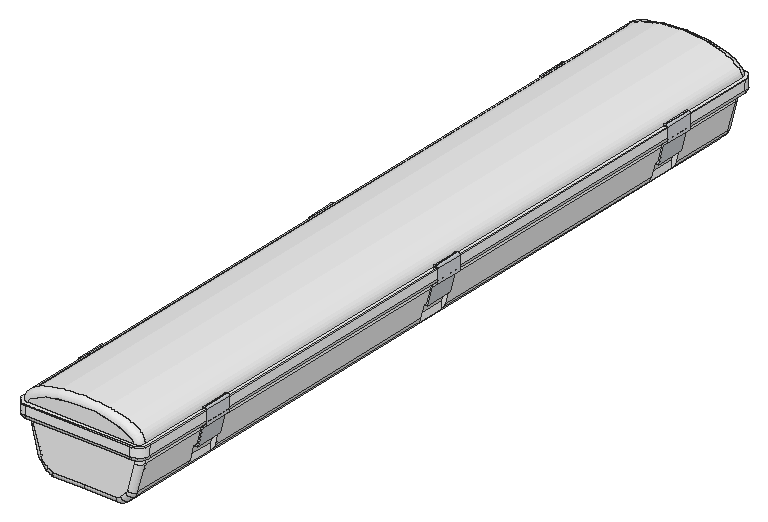
Revit family "0048692 Feilo Sylvania Lighting Fixture SYLPRF SUP LED G3 600MM T 4K D", category Lighting Fixtures, host Face, Revit 2016
Family settings
  Host = Face
  Part Type = Normal
  Round Connector Dimension = Use Diameter
  OmniClass Number = 23.80.70.11.14
  OmniClass Title = General Luminaries, Directional
  Cut with Voids When Loaded = No
  Light Source = Yes
  Shared = No
  Room Calculation Point = No
Parameters (values of type "0048692 SYLPRF SUP LED G3 600MM T 4K D")
  Width = 110 mm
  Weight = "1.18 kg"
  Wattage Comments = "n/a"
  Wattage = 19 W
  WarrantyStartDate [instance] = "n/a"
  WarrantyGuarantorParts = "n/a"
  WarrantyDurationUnit = "n/a"
  WarrantyDurationParts = "n/a"
  WarrantyDescription = "n/a"
  built-in parameter 1150110 = 1 (stored number, unit not read)
  Voltage = 230 V
  URL = "http://www.sylvania-lighting.com"
  TypeName = "SYLPRF SUP LED G3 600MM T 4K D"
  Type Image = <None>
  Type Comments = "n/a"
  built-in parameter 1114217 = 1 (stored number, unit not read)
  Tilt Angle = -90.00°
  built-in parameter 1150109 = 1 (stored number, unit not read)
  built-in parameter 1150134 = 12
  built-in parameter 1150113 = 1 (stored number, unit not read)
  SerialNumber [instance] = "n/a"
  ReflectorMaterial = none
  PowerFactor = 0
  PowerConsumption = "19 W"
  Photometric Web File = "0048692.ies"
  NominalWidth = 0 mm
  NominalLength = 665 mm
  NominalHeight = 78 mm
  Name = "SYLPRF SUP LED G3 600MM T 4K D"
  ModelReference = "SYLPRF SUP LED G3 600MM T 4K D"
  ModelNumber = "0048692"
  Model = "SYLPRF SUP LED G3 600MM T 4K D"
  Material = "grp housing, polycarbonate diffuser"
  ManufacturerName = "Feilo Sylvania"
  Manufacturer = "Feilo Sylvania"
  LuminousEfficacy = "140 lm/W"
  built-in parameter 1150105 = 211.68 (stored number, unit not read)
  Lumens = 2660 lm
  LuminaireType = ""
  built-in parameter 1150115 = 1 (stored number, unit not read)
  LightOutputRatio = "n/a"
  built-in parameter 1150137 = (empty or 0)
  built-in parameter 1150139 = (empty or 0)
  Length = 665 mm
  LampsType = Lamp  # "LED"
  LampNominalLuminous = "2700 lm"
  LampMacAdamStep = "3"
  LampColourTemperature = "4000 K"
  LampColourRenderingIndex = "80"
  built-in parameter 1150112 = 1 (stored number, unit not read)
  built-in parameter 1150114 = 1 (stored number, unit not read)
  Lamp = "LED"
  Keynote = "16500"
  InstallationDate [instance] = "n/a"
  InputVoltage = "220-240V~"
  InputNominalFrequency = "DC/50/60 Hz"
  built-in parameter 1150132 = (empty or 0)
  built-in parameter 1150102 = (empty or 0)
  built-in parameter 1150107 = 4000 (stored number, unit not read)
  built-in parameter 1150138 = (empty or 0)
  IngressProtection = "IP65"
  ImpactProtectionIndex = "IK08"
  built-in parameter 1150106 = 2.1168 (stored number, unit not read)
  IfcExportType = "IfcLightFixtureType"
  IfcExportAs = "IfcLightFixtureType"
  ExpectedLife = 50000
  Emit from Rectangle Width = Width - 20 mm  # 90 mm
  Emit from Rectangle Length = Length - 20 mm  # 645 mm
  Emit Shape Visible in Rendering = no
  ElectricShockClassification = "Class I"
  built-in parameter 1150104 = 13.006 (stored number, unit not read)
  DurationUnit = "hours"
  DocumentationLiterature = "http://www.sylvania-lighting.com/product/en-int/products/0048692"
  DimmingControlOptions = "Dimmable"
  Dimming Lamp Color Temperature Shift = <None>
  DiffuserMaterial = Diffuser-Sylvania-Transparent
  Description = "Sylproof Superia, integrated LED weatherproof luminaire, with UV stabilized flat diffuser and linear prisms designed to achieve uniform lit appearance, optimise light output and to reduce glare, stainless steel diffuser clips and fixing brackets for surface and wall mounting. L 665 mm x W 110 mm x H 78 mm size, GRP housing, Polycarbonate diffuser, DALI dimmable, 4000K, CRI80,  2700 lm, 19 W, 140 lm/W, nominal average life (h):50000, energy class: A++ A+ A Class I, IK08, IP65."
  Default Elevation = 1219.2 mm
  CreatedOn = "3/27/2018"
  CreatedBy = "aron.fodor@feilosylvania.com"
  Cost = 0
  Color Filter = 16777215
  built-in parameter 1114216 [instance] = (empty or 0)
  ClassificationValue = "EF_70_80"
  ClassificationName = "Uniclass2015"
  BracketOffset_FEILO = 360 mm
  BodyMaterial = Body-Sylvania-Gray
  BarCode [instance] = "n/a"
  built-in parameter 1114218 = 1 (stored number, unit not read)
  built-in parameter 1150133 = 10 (stored number, unit not read)
  AssetType = "Fixed"
  AssetIdentifier [instance] = "n/a"
  Assembly Code = "D5020200"
  Apparent Load = 19 VA
  AccessoryMaterial = Diffuser-Sylvania-Glow
Reference planes
  plane 1 "Center (Front/Back)": y = 0
  plane 2: z = 0
  plane 3 "Center (Left/Right)": x = 0
  plane 4: z = 54
  plane 5: x = -27.7
  plane 6: x = -34.8
  plane 7: x = -39.6
  plane 8: x = -42.2
  plane 9: z = 3
  plane 10: z = 7.8
  plane 11: z = 12.3
  plane 12: z = 36.6
  plane 13: z = 42.8
  plane 14: x = -51.1
  plane 15: z = 46.2
  plane 16: x = -55
  plane 17: y = 332.5
  plane 18: y = -332.5
  plane 19: x = 27.7
  plane 20: x = 34.8
  plane 21: x = 39.6
  plane 22: x = 42.2
  plane 23: x = 51.1
  plane 24: x = 55
  plane 25: y = 324.9
  plane 26: y = -324.9
  plane 27: y = -321.2
  plane 28: y = 321.2
  plane 29: z = 74
  plane 30: x = -51.5
  plane 31: x = 51.5
  plane 32: z = 55.2
  plane 33: y = -329
  plane 34: y = 329
  plane 35: x = -37.5
  plane 36: x = 37.5
  plane 37: x = -48.7
  plane 38: x = 48.7
  plane 39: x = 18
  plane 40: x = -18
  plane 41: z = 50.2
  plane 42: z = 24.6
  plane 43: y = 720
  plane 44: y = 706
  plane 45: y = 734
  plane 46: y = 250
  plane 47: y = 236
  plane 48: y = 264
  plane 49: y = 0
  plane 50: y = -14
  plane 51: y = 14
  plane 52: y = -250
  plane 53: y = -264
  plane 54: y = -236
Forms (mm)
  Sweep 1, solid, material "Body-Sylvania-Gray" <- "BodyMaterial", detail levels medium+fine
    path origin (1223.4, -4572, 54) x (0, -1, 0) y (1, 0, 0)
      loop
        arc (-4249.5, -1278.4) -> (-4242.429, -1275.471) -> (-4239.5, -1268.4) r 10
        line (-4239.5, -1268.4) -> (-4239.5, -1178.4)
        arc (-4239.5, -1178.4) -> (-4242.429, -1171.329) -> (-4249.5, -1168.4) r 10
        line (-4249.5, -1168.4) -> (-4894.5, -1168.4)
        arc (-4894.5, -1168.4) -> (-4901.571, -1171.329) -> (-4904.5, -1178.4) r 10
        line (-4904.5, -1178.4) -> (-4904.5, -1268.4)
        arc (-4904.5, -1268.4) -> (-4901.571, -1275.471) -> (-4894.5, -1278.4) r 10
        line (-4894.5, -1278.4) -> (-4249.5, -1278.4)
    profile origin (-55, 0, 54) x (-1, 0, 0) y (0, 0, 1)
      loop
        line (0, 0) -> (-1, 0) -> (-1, -7.726)
        arc (-1, -7.726) -> (-1.994, -9.498) -> (-3.9, -10.2) r 2.937
        line (-3.9, -10.2) -> (-8.571, -10.2) -> (-8.571, -11.2) -> (-3.9, -11.2)
        arc (-3.9, -11.2) -> (-1.313, -10.231) -> (0, -7.8) r 3.937
        line (0, -7.8) -> (0, 0)
  Sweep 2, solid, material "Body-Sylvania-Gray" <- "BodyMaterial", detail levels medium+fine
    path origin (0, 0, 0) x (1, 0, 0) y (0, 0, 1)
      loop
        line (48.7, 42.8) -> (48.7, 36.6) -> (42.203, 12.31)
        arc (42.203, 12.31) -> (41.199, 9.884) -> (39.6, 7.8) r 10.052
        line (39.6, 7.8) -> (34.8, 3)
        arc (34.8, 3) -> (31.554, 0.781) -> (27.7, 0) r 9.902
        line (27.7, 0) -> (0, 0) -> (-27.7, 0)
        arc (-27.7, 0) -> (-31.554, 0.781) -> (-34.8, 3) r 9.902
        line (-34.8, 3) -> (-39.6, 7.8)
        arc (-39.6, 7.8) -> (-41.199, 9.884) -> (-42.203, 12.31) r 10.052
        line (-42.203, 12.31) -> (-48.7, 36.6) -> (-48.7, 42.8)
    profile origin (0, 0, 0) x (0, 0, -1) y (0, -1, 0)
      loop
        arc (0, 319.9) -> (-1.464, 323.436) -> (-5, 324.9) r 5
        line (-5, 324.9) -> (-7.8, 324.9) -> (-7.8, -324.9) -> (-5, -324.9)
        arc (-5, -324.9) -> (-1.464, -323.436) -> (0, -319.9) r 5
        line (0, -319.9) -> (0, 319.9)
  Extrusion 3, solid, material "Body-Sylvania-Gray" <- "BodyMaterial", detail levels medium+fine
    sketch origin (1524, 324.9, 1219.2) x (1, 0, 0) y (0, 0, 1)
      loop
        arc (-1558.668, -1204.874) -> (-1558.443, -1205.418) -> (-1558.085, -1205.885) r 2.252
        line (-1558.085, -1205.885) -> (-1553.231, -1210.738)
        arc (-1553.231, -1210.738) -> (-1552.534, -1211.227) -> (-1551.7, -1211.4) r 2.102
        line (-1551.7, -1211.4) -> (-1496.3, -1211.4)
        arc (-1496.3, -1211.4) -> (-1495.466, -1211.227) -> (-1494.769, -1210.738) r 2.102
        line (-1494.769, -1210.738) -> (-1489.915, -1205.885)
        arc (-1489.915, -1205.885) -> (-1489.557, -1205.418) -> (-1489.332, -1204.874) r 2.252
        line (-1489.332, -1204.874) -> (-1483.1, -1181.575) -> (-1483.1, -1176.4) -> (-1564.9, -1176.4) -> (-1564.9, -1181.575) -> (-1558.668, -1204.874)
    from 0 to 649.8
  Sweep 4, solid, material "Diffuser-Sylvania-Transparent" <- "DiffuserMaterial", detail levels medium+fine
    path origin (0, 0, 0) x (1, 0, 0) y (0, 0, 1)
      loop
        spline (-51.5, 55.2) -> (-49.745, 60.066) -> (-44.6, 64.6) -> (-36.416, 68.494) -> (-25.75, 71.481) -> (-13.329, 73.359) -> (0, 74) -> (13.329, 73.359) -> (25.75, 71.481) -> (36.416, 68.494) -> (44.6, 64.6) -> (49.745, 60.066) -> (51.5, 55.2)
    profile origin (51.5, 0, 55.2) x (0, -1, 0) y (1, 0, 0)
      loop
        arc (329, -5.5) -> (327.389, -1.611) -> (323.5, 0) r 5.5
        line (323.5, 0) -> (-323.5, 0)
        arc (-323.5, 0) -> (-327.389, -1.611) -> (-329, -5.5) r 5.5
        line (-329, -5.5) -> (-329, -6.3) -> (-328, -6.3) -> (-328, -5.5)
        arc (-328, -5.5) -> (-326.682, -2.318) -> (-323.5, -1) r 4.5
        line (-323.5, -1) -> (323.5, -1)
        arc (323.5, -1) -> (326.682, -2.318) -> (328, -5.5) r 4.5
        line (328, -5.5) -> (328, -6.347) -> (329, -6.347) -> (329, -5.5)
  Extrusion 5, solid, material "Diffuser-Sylvania-Transparent" <- "DiffuserMaterial", detail levels medium+fine
    sketch origin (1524, -329, 1219.2) x (1, 0, 0) y (0, 0, 1)
      loop
        line (-1569.653, -1164) -> (-1478.347, -1164)
        spline (-1478.347, -1164) -> (-1478.969, -1162.594) -> (-1482.527, -1159.545) -> (-1489.588, -1156.201) -> (-1499.458, -1153.445) -> (-1511.242, -1151.663) -> (-1524, -1151.049) -> (-1536.758, -1151.663) -> (-1548.542, -1153.445) -> (-1558.412, -1156.201) -> (-1565.473, -1159.545) -> (-1569.031, -1162.594) -> (-1569.653, -1164)
    from 0 to -1
  Extrusion 6, solid, material "Diffuser-Sylvania-Transparent" <- "DiffuserMaterial", detail levels medium+fine
    sketch origin (1524, 329, 1219.2) x (1, 0, 0) y (0, 0, 1)
      loop
        spline (-1478.3, -1164) -> (-1478.931, -1162.565) -> (-1482.502, -1159.505) -> (-1489.572, -1156.155) -> (-1499.446, -1153.394) -> (-1511.236, -1151.614) -> (-1524, -1151.007) -> (-1536.764, -1151.614) -> (-1548.554, -1153.394) -> (-1558.428, -1156.155) -> (-1565.498, -1159.505) -> (-1569.069, -1162.565) -> (-1569.7, -1164)
        line (-1569.7, -1164) -> (-1478.3, -1164)
    from 0 to 1
  Extrusion 7, solid, material "Diffuser-Sylvania-Transparent" <- "DiffuserMaterial", detail levels medium+fine
    sketch origin (1223.4, -4572, 55.2) x (0, -1, 0) y (-1, 0, 0)
      loop
        arc (-4900, 1177.4) -> (-4898.682, 1174.218) -> (-4895.5, 1172.9) r 4.5
        line (-4895.5, 1172.9) -> (-4248.5, 1172.9)
        arc (-4248.5, 1172.9) -> (-4245.318, 1174.218) -> (-4244, 1177.4) r 4.5
        line (-4244, 1177.4) -> (-4244, 1269.4)
        arc (-4244, 1269.4) -> (-4245.318, 1272.582) -> (-4248.5, 1273.9) r 4.5
        line (-4248.5, 1273.9) -> (-4895.5, 1273.9)
        arc (-4895.5, 1273.9) -> (-4898.682, 1272.582) -> (-4900, 1269.4) r 4.5
        line (-4900, 1269.4) -> (-4900, 1177.4)
      loop
        line (-4904.5, 1268.4) -> (-4904.5, 1178.4)
        arc (-4904.5, 1178.4) -> (-4901.571, 1171.329) -> (-4894.5, 1168.4) r 10
        line (-4894.5, 1168.4) -> (-4249.5, 1168.4)
        arc (-4249.5, 1168.4) -> (-4242.429, 1171.329) -> (-4239.5, 1178.4) r 10
        line (-4239.5, 1178.4) -> (-4239.5, 1268.4)
        arc (-4239.5, 1268.4) -> (-4242.429, 1275.471) -> (-4249.5, 1278.4) r 10
        line (-4249.5, 1278.4) -> (-4894.5, 1278.4)
        arc (-4894.5, 1278.4) -> (-4901.571, 1275.471) -> (-4904.5, 1268.4) r 10
    from 0 to 1.2
  Extrusion 8, solid, material "Diffuser-Sylvania-Glow" <- "AccessoryMaterial", detail levels fine
    sketch origin (0, 0, 0) x (1, 0, 0) y (0, 0, 1)
      loop
        circle (-18, 50.2) r 8
      loop
        circle (18, 50.2) r 8
    from -321.2 to 321.2
  Extrusion 9, solid, material "Body-Sylvania-Gray" <- "BodyMaterial", detail levels coarse
    sketch origin (0, 0, 0) x (1, 0, 0) y (0, 0, 1)
      loop
        line (55, 42.8) -> (55, 55.2) -> (-55, 55.2) -> (-55, 42.791) -> (-42.2, 0) -> (42.2, 0) -> (55, 42.8)
    from -332.5 to 332.5
  Extrusion 10, solid, material "Diffuser-Sylvania-Transparent" <- "DiffuserMaterial", detail levels coarse
    sketch origin (0, 0, 0) x (1, 0, 0) y (0, 0, 1)
      loop
        arc (51.5, 55.2) -> (0, 74) -> (-51.5, 55.2) r 79.939
        line (-51.5, 55.2) -> (51.5, 55.2)
    from 324.9 to -324.9
  Extrusion 11, void, not visible
    sketch origin (0, 720, 2343.807) x (0, 0, -1) y (-1, 0, 0)
      loop
        line (2340.807, -37.5) -> (2331.507, -37.5) -> (2319.207, -42.2) -> (2319.207, -48.7) -> (2340.807, -48.7) -> (2340.807, -37.5)
      loop
        line (2340.807, 37.5) -> (2340.807, 48.7) -> (2319.207, 48.7) -> (2319.207, 42.2) -> (2331.507, 37.5) -> (2340.807, 37.5)
    from -14 to 14
  Extrusion 12, void
    sketch origin (0, 250, 2343.807) x (0, 0, -1) y (-1, 0, 0)
      loop
        line (2340.807, -37.5) -> (2331.507, -37.5) -> (2319.207, -42.2) -> (2319.207, -48.7) -> (2340.807, -48.7) -> (2340.807, -37.5)
      loop
        line (2340.807, 37.5) -> (2340.807, 48.7) -> (2319.207, 48.7) -> (2319.207, 42.2) -> (2331.507, 37.5) -> (2340.807, 37.5)
    from -14 to 14
  Extrusion 13, void
    sketch origin (0, 0, 2343.807) x (0, 0, -1) y (-1, 0, 0)
      loop
        line (2340.807, -37.5) -> (2331.507, -37.5) -> (2319.207, -42.2) -> (2319.207, -48.7) -> (2340.807, -48.7) -> (2340.807, -37.5)
      loop
        line (2340.807, 37.5) -> (2340.807, 48.7) -> (2319.207, 48.7) -> (2319.207, 42.2) -> (2331.507, 37.5) -> (2340.807, 37.5)
    from -14 to 14
  Extrusion 14, void
    sketch origin (0, -250, 2343.807) x (0, 0, -1) y (-1, 0, 0)
      loop
        line (2340.807, -37.5) -> (2331.507, -37.5) -> (2319.207, -42.2) -> (2319.207, -48.7) -> (2340.807, -48.7) -> (2340.807, -37.5)
      loop
        line (2340.807, 37.5) -> (2340.807, 48.7) -> (2319.207, 48.7) -> (2319.207, 42.2) -> (2331.507, 37.5) -> (2340.807, 37.5)
    from -14 to 14
Cuts and joins
  Extrusion 12, Extrusion 13, Extrusion 14 cuts Sweep 2
  Extrusion 12, Extrusion 13, Extrusion 14 cuts Extrusion 3
  joined: Sweep 2, Extrusion 3
  joined: Sweep 4, Extrusion 5, Extrusion 6
Dimensions and locks
  locked: plane 4 to plane 2 at 54
  plane 5 to plane 6 to plane 7 to plane 8 to plane 14 to plane 16 = 7.1 mm locked, 4.8 mm locked, 2.6 mm locked, 8.9 mm, 3.9 mm
  plane 4 to plane 15 to plane 13 to plane 12 to plane 11 to plane 10 to plane 9 = 7.8 mm locked, 3.4 mm, 6.2 mm locked, 24.3 mm locked, 4.5 mm locked, 4.8 mm locked
  equal spacing: plane 18, plane 1 "Center (Front/Back)", plane 17
  "Length": plane 18 to plane 17
  plane 19 to plane 20 to plane 21 to plane 22 to plane 23 to plane 24 = 7.1 mm locked, 4.8 mm locked, 2.6 mm locked, 8.9 mm, 3.9 mm
  equal spacing: plane 24, plane 3 "Center (Left/Right)", plane 16
  "Width": plane 24 to plane 16
  equal spacing: plane 27, plane 1 "Center (Front/Back)", plane 28
  locked: plane 26 to plane 27 at 3.7
  locked: Sweep 1 sketch curve to profile plane at 1
  locked: Sweep 1 sketch curve to plane 13 at 1
  locked: Sweep 1 sketch curve to plane 13 at 3.937  (x2)
  locked: Sweep 1 sketch curve to profile plane at 3.9  (x2)
  locked: plane 29 to plane 4 at 20
  equal spacing: plane 31, plane 3 "Center (Left/Right)", plane 30
  locked: plane 30 to plane 16 at 3.5
  locked: plane 32 to plane 4 at 1.2
  equal spacing: plane 33, plane 1 "Center (Front/Back)", plane 34
  equal spacing: plane 36, plane 3 "Center (Left/Right)", plane 35
  locked: plane 3 "Center (Left/Right)" to plane 35 at 37.5
  locked: plane 34 to plane 17 at 3.5
  equal spacing: plane 38, plane 3 "Center (Left/Right)", plane 37
  locked: plane 37 to plane 16 at 6.3
  equal spacing: plane 25, plane 1 "Center (Front/Back)", plane 26
  locked: plane 17 to plane 25 at 7.6
  locked: Sweep 2 sketch curve to plane 2 at 5  (x2)
  locked: Sweep 2 sketch curve to plane 26 at 5
  locked: plane 25 to Sweep 2 sketch curve at 5
  locked: Sweep 4 sketch curve to plane 31 at 5.5  (x2)
  locked: Sweep 4 sketch curve to plane 34 at 5.5
  plane 33 to Sweep 4 sketch curve = 5.5 mm
  locked: plane 34 to Sweep 4 sketch curve at 1
  locked: Sweep 4 sketch curve to plane 31 at 1
  locked: Sweep 4 sketch curve to Sweep 4 sketch curve at 1
  locked: Sweep 4 sketch curve to plane 31 at 6.347
  locked: Sweep 4 sketch curve to plane 31 at 6.3
  equal spacing: plane 39, plane 3 "Center (Left/Right)", plane 40
  locked: plane 3 "Center (Left/Right)" to plane 40 at 18
  locked: plane 42 to plane 2 at 24.6
  plane 45 to plane 43 to plane 44 = 14 mm locked, 14 mm locked
  plane 48 to plane 46 to plane 47 = 14 mm locked, 14 mm locked
  plane 51 to plane 49 to plane 50 = 14 mm locked, 14 mm locked
  plane 54 to plane 52 to plane 53 = 14 mm locked, 14 mm locked
  equal spacing: plane 46, plane 1 "Center (Front/Back)", plane 52
  locked: plane 46 to plane 1 "Center (Front/Back)" at 250
  aligned and locked: plane 2 to host face
  aligned and locked: level to host face
  aligned and locked: plane 16 to Sweep 1 sketch curve
  aligned and locked: Sweep 1 sketch curve to plane 24
  aligned and locked: plane 18 to Sweep 1 sketch curve
  aligned and locked: Sweep 1 sketch curve to plane 13
  aligned and locked: profile plane to Sweep 1 sketch curve
  aligned and locked: plane 3 "Center (Left/Right)" to Sweep 2 sketch curve
  aligned and locked: plane 9 to Sweep 2 sketch curve
  aligned and locked: plane 10 to Sweep 2 sketch curve
  aligned and locked: plane 37 to Sweep 2 sketch curve
  aligned and locked: plane 12 to Sweep 2 sketch curve
  aligned and locked: Sweep 2 sketch curve to level
  aligned and locked: plane 21 to Sweep 2 sketch curve
  aligned and locked: plane 38 to Sweep 2 sketch curve
  aligned and locked: profile plane to Sweep 2 sketch curve
  aligned and locked: plane 25 to Sweep 2 sketch curve
  aligned and locked: Sweep 2 sketch curve to plane 10
  aligned and locked: Extrusion 3 sketch curve to Sweep 2  (x7)
  aligned and locked: Sweep 2 to Extrusion 3 sketch curve
  aligned and locked: Extrusion 3 to plane 25
  aligned and locked: plane 26 to Extrusion 3
  aligned and locked: plane 32 to Sweep 4 sketch curve
  aligned and locked: plane 33 to Sweep 4 sketch curve
  aligned and locked: Sweep 4 to Extrusion 5
  aligned and locked: plane 33 to Extrusion 5
  aligned and locked: Extrusion 5 sketch curve to Sweep 4
  aligned and locked: cut or joined group of Sweep 4, Extrusion 5, Extrusion 6 to Extrusion 6 sketch curve
  aligned and locked: Extrusion 7 sketch curve to cut or joined group of Sweep 4, Extrusion 5, Extrusion 6  (x2)
  aligned and locked: cut or joined group of Sweep 4, Extrusion 5, Extrusion 6 to Extrusion 7 sketch curve  (x2)
  aligned and locked: plane 41 to Extrusion 8 sketch curve  (x2)
  aligned and locked: plane 39 to Extrusion 8 sketch curve
  aligned and locked: plane 27 to Extrusion 8
  aligned and locked: Extrusion 8 to plane 28
  aligned and locked: Extrusion 7 sketch curve to Sweep 1  (x4)
  aligned and locked: plane 4 to Extrusion 7
  aligned and locked: Extrusion 7 to plane 32
  aligned and locked: Extrusion 9 sketch curve to plane 24
  aligned and locked: Extrusion 9 sketch curve to Extrusion 7
  aligned and locked: plane 8 to Extrusion 9 sketch curve
  aligned and locked: plane 22 to Extrusion 9 sketch curve
  aligned and locked: level to Extrusion 9 sketch curve
  aligned and locked: Extrusion 9 to plane 17
  aligned and locked: plane 18 to Extrusion 9
  aligned and locked: cut or joined group of Sweep 4, Extrusion 5, Extrusion 6 to Extrusion 10 sketch curve
  aligned and locked: Extrusion 10 sketch curve to cut or joined group of Sweep 4, Extrusion 5, Extrusion 6  (x2)
  aligned and locked: plane 31 to Extrusion 10 sketch curve
  aligned and locked: plane 30 to Extrusion 10 sketch curve
  aligned and locked: plane 26 to Extrusion 10
  aligned and locked: Extrusion 10 to plane 25
  aligned and locked: imposter light to plane 29
  aligned and locked: plane 3 "Center (Left/Right)" to imposter light
  aligned and locked: plane 1 "Center (Front/Back)" to imposter light
  aligned and locked: plane 47 to Extrusion 12
  aligned and locked: Extrusion 12 to plane 48
  aligned and locked: plane 50 to Extrusion 13
  aligned and locked: Extrusion 13 to plane 51
  aligned and locked: plane 53 to Extrusion 14
  aligned and locked: Extrusion 14 to plane 54
  aligned and locked: nested 1 to plane 46
  aligned and locked: plane 46 to nested 6
  aligned and locked: nested 2 to plane 49
  aligned and locked: plane 49 to nested 5
  aligned and locked: nested 3 to plane 52
  aligned and locked: plane 52 to nested 4
  aligned and locked: plane 49 to plane 1 "Center (Front/Back)"
Automatic sketch dimensions
  host sketch curve to host sketch curve = 2438.4 mm  (x2)
  plane 17 to Sweep 1 sketch curve = 0 mm
  Sweep 1 sketch curve to plane 28 = 1.3 mm
  Sweep 1 sketch curve to plane 7 = 5.4 mm
  plane 27 to Sweep 1 sketch curve = 1.3 mm  (x2)
  Sweep 1 sketch curve to Sweep 1 sketch curve = 4.671 mm
  Sweep 1 sketch curve to plane 4 = 0 mm
  Sweep 2 sketch curve to plane 7 = 0 mm
  Sweep 2 sketch curve to plane 6 = 0 mm
  Sweep 2 sketch curve to plane 5 = 0 mm
  plane 19 to Sweep 2 sketch curve = 0 mm
  Sweep 2 sketch curve to plane 9 = 0 mm
  plane 20 to Sweep 2 sketch curve = 0 mm
  Sweep 2 sketch curve to plane 12 = 0 mm
  Sweep 2 sketch curve to plane 10 = 0 mm
  Sweep 2 sketch curve to plane 13 = 0 mm  (x2)
  Sweep 2 sketch curve to plane 8 = 0.003 mm
  plane 6 to Sweep 2 sketch curve = 2.308 mm
  plane 20 to Sweep 2 sketch curve = 2.308 mm
  Sweep 2 sketch curve to plane 22 = 0.003 mm
  Sweep 2 sketch curve to plane 11 = 0.01 mm  (x2)
  Extrusion 3 sketch curve to plane 5 = 0 mm
  plane 19 to Extrusion 3 sketch curve = 0 mm
  plane 6 to Extrusion 3 sketch curve = 0.132 mm
  plane 6 to Extrusion 3 sketch curve = 0.715 mm
  Extrusion 3 sketch curve to Extrusion 3 sketch curve = 1.592 mm
  Extrusion 3 sketch curve to plane 10 = 0.662 mm  (x2)
  plane 20 to Extrusion 3 sketch curve = 2.308 mm
  plane 20 to Extrusion 3 sketch curve = 0.715 mm
  plane 20 to Extrusion 3 sketch curve = 0.132 mm
  Sweep 4 sketch curve to plane 30 = 0 mm
  Sweep 4 sketch curve to plane 3 "Center (Left/Right)" = 0 mm
  Sweep 4 sketch curve to Sweep 4 sketch curve = 0 mm  (x2)
  plane 37 to Extrusion 5 sketch curve = 3.047 mm
  Extrusion 5 sketch curve to plane 38 = 3.047 mm
  plane 37 to Extrusion 6 sketch curve = 3 mm
  Extrusion 6 sketch curve to plane 38 = 3 mm
  plane 25 to Extrusion 7 sketch curve = 1.4 mm  (x2)
  Extrusion 7 sketch curve to plane 26 = 1.4 mm  (x2)
  Extrusion 8 sketch curve to plane 40 = 0 mm
  Extrusion 9 sketch curve to plane 13 = 0 mm
  plane 13 to Extrusion 9 sketch curve = 0.009 mm
  Extrusion 10 sketch curve to level = 5.939 mm
  Extrusion 9 sketch curve to plane 16 = 0 mm
  Extrusion 11 sketch curve to Extrusion 11 sketch curve = 0 mm
  Extrusion 11 sketch curve to Extrusion 11 sketch curve = 12.3 mm  (x2)
  Extrusion 11 sketch curve to Extrusion 11 sketch curve = 9.3 mm  (x2)
  Extrusion 11 sketch curve to Extrusion 11 sketch curve = 6.5 mm
  Extrusion 11 sketch curve to Extrusion 11 sketch curve = 4.7 mm  (x2)
  Extrusion 11 sketch curve to Extrusion 11 sketch curve = 75 mm
  Extrusion 11 sketch curve to Extrusion 11 sketch curve = 11.2 mm
  Extrusion 12 sketch curve to Extrusion 12 sketch curve = 0 mm
  Extrusion 12 sketch curve to Extrusion 12 sketch curve = 12.3 mm  (x2)
  Extrusion 12 sketch curve to Extrusion 12 sketch curve = 9.3 mm  (x2)
  Extrusion 12 sketch curve to Extrusion 12 sketch curve = 6.5 mm
  Extrusion 12 sketch curve to Extrusion 12 sketch curve = 4.7 mm  (x2)
  Extrusion 12 sketch curve to Extrusion 12 sketch curve = 75 mm
  Extrusion 12 sketch curve to Extrusion 12 sketch curve = 11.2 mm
  Extrusion 13 sketch curve to Extrusion 13 sketch curve = 0 mm
  Extrusion 13 sketch curve to Extrusion 13 sketch curve = 12.3 mm  (x2)
  Extrusion 13 sketch curve to Extrusion 13 sketch curve = 9.3 mm  (x2)
  Extrusion 13 sketch curve to Extrusion 13 sketch curve = 6.5 mm
  Extrusion 13 sketch curve to Extrusion 13 sketch curve = 4.7 mm  (x2)
  Extrusion 13 sketch curve to Extrusion 13 sketch curve = 75 mm
  Extrusion 13 sketch curve to Extrusion 13 sketch curve = 11.2 mm
  Extrusion 14 sketch curve to Extrusion 14 sketch curve = 0 mm
  Extrusion 14 sketch curve to Extrusion 14 sketch curve = 12.3 mm  (x2)
  Extrusion 14 sketch curve to Extrusion 14 sketch curve = 9.3 mm  (x2)
  Extrusion 14 sketch curve to Extrusion 14 sketch curve = 6.5 mm
  Extrusion 14 sketch curve to Extrusion 14 sketch curve = 4.7 mm  (x2)
  Extrusion 14 sketch curve to Extrusion 14 sketch curve = 75 mm
  Extrusion 14 sketch curve to Extrusion 14 sketch curve = 11.2 mm
  radius of Extrusion 8 sketch curve = 8 mm  (x2)
Nested families
  nested 1: "Clip" at (-42.2, 250, 24.6) x (-1, 0, 0) z (0, 0, 1), type "Clip", detail levels fine
  nested 2: "Clip" at (-42.2, 0, 24.6) x (-1, 0, 0) z (0, 0, 1), type "Clip", detail levels fine
  nested 3: "Clip" at (-42.2, -250, 24.6) x (-1, 0, 0) z (0, 0, 1), type "Clip", detail levels fine
  nested 4: "Clip" at (42.2, -250, 24.6), type "Clip", detail levels fine
  nested 5: "Clip" at (42.2, 0, 24.6), type "Clip", detail levels fine
  nested 6: "Clip" at (42.2, 250, 24.6), type "Clip", detail levels fine
Connectors
  electrical at (0, 0, 0), driven by "Apparent Load"
    settings: index 1, voltage 230 V, apparent load 19 VA, apparent load phase1 0 VA, apparent load phase2 0 VA, apparent load phase3 0 VA, power factor 0, load classification "Lighting", number of poles 1, system type 30, power factor state 1, is connector primary yes, connector utility no, sub classification motor no, connector description ""
Definition of nested family "Clip"
  Parameters (values of type "Clip")
    URL = "http://www.feilosylvania.com"
    Type Comments = "n/a"
    Model = "n/a"
    Manufacturer = "Feilo Sylvania"
    Keynote = "n/a"
    Description = "n/a"
    Default Elevation = 1219.2 mm
    Cost = 0
    BodyMaterial = none
    Assembly Code = "n/a"
  Reference planes
    plane 1 "Center (Front/Back)": y = 0
    plane 2: z = 0
    plane 3 "Center (Left/Right)": x = 0
    plane 4: x = 3.3
    plane 5: x = 6.5
    plane 6: x = 8.9
    plane 7: x = 12.8
    plane 8: z = 12
    plane 9: z = 18.2
    plane 10: z = 21.6
    plane 11: z = 30.6
    plane 12: x = 9.3
    plane 13: z = 19.2
    plane 14: z = 16.2
    plane 15: x = 10.1
    plane 16: y = 12
    plane 17: y = -12
  Forms (mm)
    Extrusion 1, solid
      sketch origin (-0.8, 0, 0) x (1, 0, 0) y (0, 1, 0)
        loop
          line (-1219.2, 1219.2) -> (-1219.2, -1219.2) -> (1219.2, -1219.2) -> (1219.2, 1219.2) -> (-1219.2, 1219.2)
      from 0 to -304.8
    Extrusion 2, solid
      sketch origin (0, 0, 0) x (1, 0, 0) y (0, 0, 1)
        loop
          line (8.9, 16.2) -> (4.58, 0) -> (0, 0) -> (0, -0.8) -> (5.195, -0.8) -> (9.603, 15.731) -> (13.6, 18.806) -> (13.6, 30.6)
          arc (13.6, 30.6) -> (11.45, 32.75) -> (9.3, 30.6) r 2.15
          line (9.3, 30.6) -> (10.1, 30.6)
          arc (10.1, 30.6) -> (11.45, 31.95) -> (12.8, 30.6) r 1.35
          line (12.8, 30.6) -> (12.8, 19.2) -> (8.9, 16.2)
      from -12 to 12
  Lines and regions (mm)
    reference lines
      curve 1: line (3.3, 0, 0) -> (6.5, 0, 12)
      curve 2: arc (8.9, 0, 18.2) -> (11.488, 0, 19.169) -> (12.8, 0, 21.6) r 3.934
  Dimensions and locks
    plane 7 to plane 6 to plane 5 to plane 4 to plane 3 "Center (Left/Right)" = 3.9 mm locked, 2.4 mm locked, 3.2 mm locked, 3.3 mm locked
    plane 11 to plane 10 to plane 9 to plane 8 to plane 2 = 9 mm locked, 3.4 mm locked, 6.2 mm locked, 12 mm locked
    locked: plane 7 to plane 12 at 3.5
    locked: plane 13 to plane 9 at 1
    locked: plane 9 to plane 14 at 2
    locked: plane 15 to plane 12 at 0.8
    locked: plane 2 to Extrusion 2 sketch curve at 0.8
    locked: Extrusion 2 sketch curve to Extrusion 2 sketch curve at 0.8  (x3)
    locked: plane 7 to Extrusion 2 sketch curve at 1.35
    equal spacing: plane 17, plane 1 "Center (Front/Back)", plane 16
    locked: plane 1 "Center (Front/Back)" to plane 16 at 12
    aligned and locked: plane 2 to Extrusion 1
    aligned and locked: level to Extrusion 1
    aligned and locked: plane 4 to curve 1
    aligned and locked: plane 5 to curve 1
    aligned and locked: plane 6 to curve 2
    aligned and locked: plane 10 to curve 2
    aligned and locked: plane 14 to Extrusion 2 sketch curve
    aligned and locked: plane 13 to Extrusion 2 sketch curve
    aligned and locked: plane 7 to Extrusion 2 sketch curve
    aligned and locked: plane 3 "Center (Left/Right)" to Extrusion 2 sketch curve
    aligned and locked: Extrusion 2 sketch curve to level
    aligned and locked: Extrusion 2 sketch curve to plane 11
    aligned and locked: plane 11 to Extrusion 2 sketch curve
    aligned and locked: Extrusion 2 to plane 16
    aligned and locked: plane 17 to Extrusion 2
  Automatic sketch dimensions
    Extrusion 1 sketch curve to Extrusion 1 sketch curve = 2438.4 mm  (x2)
    curve 2 to plane 7 = 0 mm
    curve 1 to level = 0 mm
    curve 1 to plane 8 = 0 mm
    curve 2 to plane 9 = 0 mm
    plane 6 to curve 2 = 0.002 mm
    Extrusion 2 sketch curve to Extrusion 2 sketch curve = 0 mm
    Extrusion 2 sketch curve to plane 6 = 0 mm
    plane 4 to Extrusion 2 sketch curve = 1.28 mm
